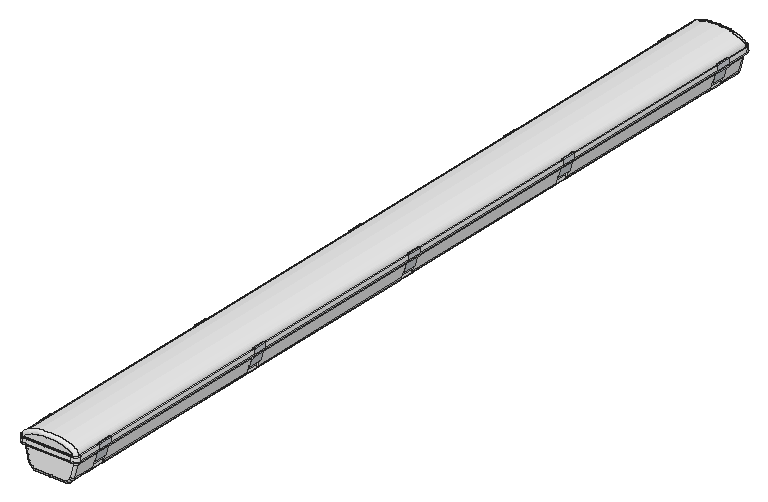
Revit family "0067986 Sylvania Lighting Fixture START Waterproof Twin 1500 IP65 7100lm 865 QC", category Lighting Fixtures, host Face, Revit 2016
Family settings
  Host = Face
  Part Type = Normal
  Round Connector Dimension = Use Diameter
  OmniClass Number = 23.80.70.11.14
  OmniClass Title = General Luminaries, Directional
  Cut with Voids When Loaded = No
  Light Source = Yes
  Shared = No
  Room Calculation Point = No
Parameters (values of type "0067986 ST WTRPRF T 1500 IP65 7100LM 865 QC")
  Width = 110 mm
  Weight = "2.44 kg"
  Wattage Comments = "n/a"
  Wattage = 58 W
  WarrantyStartDate [instance] = "n/a"
  WarrantyGuarantorParts = "n/a"
  WarrantyDurationUnit = "n/a"
  WarrantyDurationParts = "n/a"
  WarrantyDescription = "n/a"
  built-in parameter 1150110 = 1 (stored number, unit not read)
  Voltage = 0 V
  URL = "http://www.sylvania-lighting.com"
  TypeName = "START Waterproof Twin 1500 IP65 7100lm 865 QC"
  Type Image = <None>
  Type Comments = "n/a"
  built-in parameter 1114217 = 1 (stored number, unit not read)
  Tilt Angle = -90.00°
  built-in parameter 1150109 = 1 (stored number, unit not read)
  built-in parameter 1150134 = 1
  built-in parameter 1150113 = 1 (stored number, unit not read)
  SerialNumber [instance] = "n/a"
  ReflectorMaterial = none
  PowerFactor = 0
  PowerConsumption = "58 W"
  Photometric Web File = "0067986.ies"
  NominalWidth = 0 mm
  NominalLength = 1578 mm
  NominalHeight = 78 mm
  Name = "START Waterproof Twin 1500 IP65 7100lm 865 QC"
  ModelReference = "START Waterproof Twin 1500 IP65 7100lm 865 QC"
  ModelNumber = "0067986"
  Model = "START Waterproof Twin 1500 IP65 7100lm 865 QC"
  Material = "polycarbonate housing, polycarbonate diffuser"
  ManufacturerName = "Feilo Sylvania"
  Manufacturer = "Feilo Sylvania"
  LuminousEfficacy = "122 lm/W"
  built-in parameter 1150105 = 563.09 (stored number, unit not read)
  Lumens = 7076 lm
  LuminaireType = ""
  built-in parameter 1150115 = 1 (stored number, unit not read)
  LightOutputRatio = "n/a"
  built-in parameter 1150137 = (empty or 0)
  built-in parameter 1150139 = (empty or 0)
  Length = 1572 mm
  LampsType = Lamp  # "LED"
  LampNominalLuminous = "7050 lm"
  LampMacAdamStep = "n/a"
  LampColourTemperature = "6500 K"
  LampColourRenderingIndex = "80"
  built-in parameter 1150112 = 1 (stored number, unit not read)
  built-in parameter 1150114 = 1 (stored number, unit not read)
  Lamp = "LED"
  Keynote = "16500"
  InstallationDate [instance] = "n/a"
  InputVoltage = "n/a"
  InputNominalFrequency = "n/a"
  built-in parameter 1150132 = (empty or 0)
  built-in parameter 1150102 = (empty or 0)
  built-in parameter 1150107 = 6500 (stored number, unit not read)
  built-in parameter 1150138 = (empty or 0)
  IngressProtection = "IP65"
  ImpactProtectionIndex = "IK08"
  built-in parameter 1150106 = 5.6309 (stored number, unit not read)
  IfcExportType = "IfcLightFixtureType"
  IfcExportAs = "IfcLightFixtureType"
  ExpectedLife = 50000
  Emit from Rectangle Width = Width - 20 mm  # 90 mm
  Emit from Rectangle Length = Length - 20 mm  # 1552 mm
  Emit Shape Visible in Rendering = no
  ElectricShockClassification = "Class I"
  built-in parameter 1150104 = 11.334 (stored number, unit not read)
  DurationUnit = "hours"
  DocumentationLiterature = "http://www.sylvania-lighting.com/product/en-int/products/0067986"
  DimmingControlOptions = "n/a"
  Dimming Lamp Color Temperature Shift = <None>
  DiffuserMaterial = Diffuser-Sylvania-Transparent
  Description = ""
  Default Elevation = 1219.2 mm
  CreatedOn = "11/27/2018"
  CreatedBy = "@sylvania-lighting.com"
  Cost = 0
  Color Filter = 16777215
  built-in parameter 1114216 [instance] = (empty or 0)
  ClassificationValue = "EF_70_80"
  ClassificationName = "Uniclass2015"
  BodyMaterial = Body-Sylvania-Gray
  BarCode [instance] = "n/a"
  built-in parameter 1114218 = 1 (stored number, unit not read)
  built-in parameter 1150133 = 10 (stored number, unit not read)
  AssetType = "Fixed"
  AssetIdentifier [instance] = "n/a"
  Assembly Code = "D5020200"
  Apparent Load = 58 VA
  AccessoryMaterial = Diffuser-Sylvania-Glow
Reference planes
  plane 1 "Center (Front/Back)": y = 0
  plane 2: z = 0
  plane 3 "Center (Left/Right)": x = 0
  plane 4: z = 54
  plane 5: x = -27.7
  plane 6: x = -34.8
  plane 7: x = -39.6
  plane 8: x = -42.2
  plane 9: z = 3
  plane 10: z = 7.8
  plane 11: z = 12.3
  plane 12: z = 36.6
  plane 13: z = 42.8
  plane 14: x = -51.1
  plane 15: z = 46.2
  plane 16: x = -55
  plane 17: y = 786
  plane 18: y = -786
  plane 19: x = 27.7
  plane 20: x = 34.8
  plane 21: x = 39.6
  plane 22: x = 42.2
  plane 23: x = 51.1
  plane 24: x = 55
  plane 25: y = 778.4
  plane 26: y = -778.4
  plane 27: y = -774.7
  plane 28: y = 774.7
  plane 29: z = 74
  plane 30: x = -51.5
  plane 31: x = 51.5
  plane 32: z = 55.2
  plane 33: y = -782.5
  plane 34: y = 782.5
  plane 35: x = -37.5
  plane 36: x = 37.5
  plane 37: x = -48.7
  plane 38: x = 48.7
  plane 39: x = 18
  plane 40: x = -18
  plane 41: z = 50.2
  plane 42: z = 24.6
  plane 43: y = 720
  plane 44: y = 706
  plane 45: y = 734
  plane 46: y = -720
  plane 47: y = 720
  plane 48: y = 706
  plane 49: y = 734
  plane 50: y = -720
  plane 51: y = -734
  plane 52: y = -706
  plane 53: y = 360
  plane 54: y = 346
  plane 55: y = 374
  plane 56: y = 0
  plane 57: y = -14
  plane 58: y = 14
  plane 59: y = -360
  plane 60: y = -374
  plane 61: y = -346
Forms (mm)
  Sweep 1, solid, material "Body-Sylvania-Gray" <- "BodyMaterial", detail levels medium+fine
    path origin (1223.4, -4572, 54) x (0, -1, 0) y (1, 0, 0)
      loop
        arc (-3796, -1278.4) -> (-3788.929, -1275.471) -> (-3786, -1268.4) r 10
        line (-3786, -1268.4) -> (-3786, -1178.4)
        arc (-3786, -1178.4) -> (-3788.929, -1171.329) -> (-3796, -1168.4) r 10
        line (-3796, -1168.4) -> (-5348, -1168.4)
        arc (-5348, -1168.4) -> (-5355.071, -1171.329) -> (-5358, -1178.4) r 10
        line (-5358, -1178.4) -> (-5358, -1268.4)
        arc (-5358, -1268.4) -> (-5355.071, -1275.471) -> (-5348, -1278.4) r 10
        line (-5348, -1278.4) -> (-3796, -1278.4)
    profile origin (-55, 0, 54) x (-1, 0, 0) y (0, 0, 1)
      loop
        line (0, 0) -> (-1, 0) -> (-1, -7.726)
        arc (-1, -7.726) -> (-1.994, -9.498) -> (-3.9, -10.2) r 2.937
        line (-3.9, -10.2) -> (-8.571, -10.2) -> (-8.571, -11.2) -> (-3.9, -11.2)
        arc (-3.9, -11.2) -> (-1.313, -10.231) -> (0, -7.8) r 3.937
        line (0, -7.8) -> (0, 0)
  Sweep 2, solid, material "Body-Sylvania-Gray" <- "BodyMaterial", detail levels medium+fine
    path origin (0, 0, 0) x (1, 0, 0) y (0, 0, 1)
      loop
        line (48.7, 42.8) -> (48.7, 36.6) -> (42.203, 12.31)
        arc (42.203, 12.31) -> (41.199, 9.884) -> (39.6, 7.8) r 10.052
        line (39.6, 7.8) -> (34.8, 3)
        arc (34.8, 3) -> (31.554, 0.781) -> (27.7, 0) r 9.902
        line (27.7, 0) -> (0, 0) -> (-27.7, 0)
        arc (-27.7, 0) -> (-31.554, 0.781) -> (-34.8, 3) r 9.902
        line (-34.8, 3) -> (-39.6, 7.8)
        arc (-39.6, 7.8) -> (-41.199, 9.884) -> (-42.203, 12.31) r 10.052
        line (-42.203, 12.31) -> (-48.7, 36.6) -> (-48.7, 42.8)
    profile origin (0, 0, 0) x (0, 0, -1) y (0, -1, 0)
      loop
        arc (0, 773.4) -> (-1.464, 776.936) -> (-5, 778.4) r 5
        line (-5, 778.4) -> (-7.8, 778.4) -> (-7.8, -778.4) -> (-5, -778.4)
        arc (-5, -778.4) -> (-1.464, -776.936) -> (0, -773.4) r 5
        line (0, -773.4) -> (0, 773.4)
  Extrusion 3, solid, material "Body-Sylvania-Gray" <- "BodyMaterial", detail levels medium+fine
    sketch origin (1524, 778.4, 1219.2) x (1, 0, 0) y (0, 0, 1)
      loop
        arc (-1558.668, -1204.874) -> (-1558.443, -1205.418) -> (-1558.085, -1205.885) r 2.252
        line (-1558.085, -1205.885) -> (-1553.231, -1210.738)
        arc (-1553.231, -1210.738) -> (-1552.534, -1211.227) -> (-1551.7, -1211.4) r 2.102
        line (-1551.7, -1211.4) -> (-1496.3, -1211.4)
        arc (-1496.3, -1211.4) -> (-1495.466, -1211.227) -> (-1494.769, -1210.738) r 2.102
        line (-1494.769, -1210.738) -> (-1489.915, -1205.885)
        arc (-1489.915, -1205.885) -> (-1489.557, -1205.418) -> (-1489.332, -1204.874) r 2.252
        line (-1489.332, -1204.874) -> (-1483.1, -1181.575) -> (-1483.1, -1176.4) -> (-1564.9, -1176.4) -> (-1564.9, -1181.575) -> (-1558.668, -1204.874)
    from 0 to 1556.8
  Sweep 4, solid, material "Diffuser-Sylvania-Transparent" <- "DiffuserMaterial", detail levels medium+fine
    path origin (0, 0, 0) x (1, 0, 0) y (0, 0, 1)
      loop
        spline (-51.5, 55.2) -> (-49.745, 60.066) -> (-44.6, 64.6) -> (-36.416, 68.494) -> (-25.75, 71.481) -> (-13.329, 73.359) -> (0, 74) -> (13.329, 73.359) -> (25.75, 71.481) -> (36.416, 68.494) -> (44.6, 64.6) -> (49.745, 60.066) -> (51.5, 55.2)
    profile origin (51.5, 0, 55.2) x (0, -1, 0) y (1, 0, 0)
      loop
        arc (782.5, -5.5) -> (780.889, -1.611) -> (777, 0) r 5.5
        line (777, 0) -> (-777, 0)
        arc (-777, 0) -> (-780.889, -1.611) -> (-782.5, -5.5) r 5.5
        line (-782.5, -5.5) -> (-782.5, -6.3) -> (-781.5, -6.3) -> (-781.5, -5.5)
        arc (-781.5, -5.5) -> (-780.182, -2.318) -> (-777, -1) r 4.5
        line (-777, -1) -> (777, -1)
        arc (777, -1) -> (780.182, -2.318) -> (781.5, -5.5) r 4.5
        line (781.5, -5.5) -> (781.5, -6.347) -> (782.5, -6.347) -> (782.5, -5.5)
  Extrusion 5, solid, material "Diffuser-Sylvania-Transparent" <- "DiffuserMaterial", detail levels medium+fine
    sketch origin (1524, -782.5, 1219.2) x (1, 0, 0) y (0, 0, 1)
      loop
        line (-1569.653, -1164) -> (-1478.347, -1164)
        spline (-1478.347, -1164) -> (-1478.969, -1162.594) -> (-1482.527, -1159.545) -> (-1489.588, -1156.201) -> (-1499.458, -1153.445) -> (-1511.242, -1151.663) -> (-1524, -1151.049) -> (-1536.758, -1151.663) -> (-1548.542, -1153.445) -> (-1558.412, -1156.201) -> (-1565.473, -1159.545) -> (-1569.031, -1162.594) -> (-1569.653, -1164)
    from 0 to -1
  Extrusion 6, solid, material "Diffuser-Sylvania-Transparent" <- "DiffuserMaterial", detail levels medium+fine
    sketch origin (1524, 782.5, 1219.2) x (1, 0, 0) y (0, 0, 1)
      loop
        spline (-1478.3, -1164) -> (-1478.931, -1162.565) -> (-1482.502, -1159.505) -> (-1489.572, -1156.155) -> (-1499.446, -1153.394) -> (-1511.236, -1151.614) -> (-1524, -1151.007) -> (-1536.764, -1151.614) -> (-1548.554, -1153.394) -> (-1558.428, -1156.155) -> (-1565.498, -1159.505) -> (-1569.069, -1162.565) -> (-1569.7, -1164)
        line (-1569.7, -1164) -> (-1478.3, -1164)
    from 0 to 1
  Extrusion 7, solid, material "Diffuser-Sylvania-Transparent" <- "DiffuserMaterial", detail levels medium+fine
    sketch origin (1223.4, -4572, 55.2) x (0, -1, 0) y (-1, 0, 0)
      loop
        arc (-5353.5, 1177.4) -> (-5352.182, 1174.218) -> (-5349, 1172.9) r 4.5
        line (-5349, 1172.9) -> (-3795, 1172.9)
        arc (-3795, 1172.9) -> (-3791.818, 1174.218) -> (-3790.5, 1177.4) r 4.5
        line (-3790.5, 1177.4) -> (-3790.5, 1269.4)
        arc (-3790.5, 1269.4) -> (-3791.818, 1272.582) -> (-3795, 1273.9) r 4.5
        line (-3795, 1273.9) -> (-5349, 1273.9)
        arc (-5349, 1273.9) -> (-5352.182, 1272.582) -> (-5353.5, 1269.4) r 4.5
        line (-5353.5, 1269.4) -> (-5353.5, 1177.4)
      loop
        line (-5358, 1268.4) -> (-5358, 1178.4)
        arc (-5358, 1178.4) -> (-5355.071, 1171.329) -> (-5348, 1168.4) r 10
        line (-5348, 1168.4) -> (-3796, 1168.4)
        arc (-3796, 1168.4) -> (-3788.929, 1171.329) -> (-3786, 1178.4) r 10
        line (-3786, 1178.4) -> (-3786, 1268.4)
        arc (-3786, 1268.4) -> (-3788.929, 1275.471) -> (-3796, 1278.4) r 10
        line (-3796, 1278.4) -> (-5348, 1278.4)
        arc (-5348, 1278.4) -> (-5355.071, 1275.471) -> (-5358, 1268.4) r 10
    from 0 to 1.2
  Extrusion 8, solid, material "Diffuser-Sylvania-Glow" <- "AccessoryMaterial", detail levels fine
    sketch origin (0, 0, 0) x (1, 0, 0) y (0, 0, 1)
      loop
        circle (-18, 50.2) r 8
      loop
        circle (18, 50.2) r 8
    from -774.7 to 774.7
  Extrusion 9, void
    sketch origin (0, 720, 2343.807) x (0, 0, -1) y (-1, 0, 0)
      loop
        line (2340.807, -37.5) -> (2331.507, -37.5) -> (2319.207, -42.2) -> (2319.207, -48.7) -> (2340.807, -48.7) -> (2340.807, -37.5)
      loop
        line (2340.807, 37.5) -> (2340.807, 48.7) -> (2319.207, 48.7) -> (2319.207, 42.2) -> (2331.507, 37.5) -> (2340.807, 37.5)
    from -14 to 14
  Extrusion 10, solid, material "Body-Sylvania-Gray" <- "BodyMaterial", detail levels coarse
    sketch origin (0, 0, 0) x (1, 0, 0) y (0, 0, 1)
      loop
        line (55, 42.8) -> (55, 55.2) -> (-55, 55.2) -> (-55, 42.791) -> (-42.2, 0) -> (42.2, 0) -> (55, 42.8)
    from -786 to 786
  Extrusion 11, solid, material "Diffuser-Sylvania-Transparent" <- "DiffuserMaterial", detail levels coarse
    sketch origin (0, 0, 0) x (1, 0, 0) y (0, 0, 1)
      loop
        arc (51.5, 55.2) -> (0, 74) -> (-51.5, 55.2) r 79.939
        line (-51.5, 55.2) -> (51.5, 55.2)
    from 778.4 to -778.4
  Extrusion 12, void, not visible
    sketch origin (0, 720, 2343.807) x (0, 0, -1) y (-1, 0, 0)
      loop
        line (2340.807, -37.5) -> (2331.507, -37.5) -> (2319.207, -42.2) -> (2319.207, -48.7) -> (2340.807, -48.7) -> (2340.807, -37.5)
      loop
        line (2340.807, 37.5) -> (2340.807, 48.7) -> (2319.207, 48.7) -> (2319.207, 42.2) -> (2331.507, 37.5) -> (2340.807, 37.5)
    from -14 to 14
  Extrusion 13, void
    sketch origin (0, -720, 2343.807) x (0, 0, -1) y (-1, 0, 0)
      loop
        line (2340.807, -37.5) -> (2331.507, -37.5) -> (2319.207, -42.2) -> (2319.207, -48.7) -> (2340.807, -48.7) -> (2340.807, -37.5)
      loop
        line (2340.807, 37.5) -> (2340.807, 48.7) -> (2319.207, 48.7) -> (2319.207, 42.2) -> (2331.507, 37.5) -> (2340.807, 37.5)
    from -14 to 14
  Extrusion 14, void
    sketch origin (0, 360, 2343.807) x (0, 0, -1) y (-1, 0, 0)
      loop
        line (2340.807, -37.5) -> (2331.507, -37.5) -> (2319.207, -42.2) -> (2319.207, -48.7) -> (2340.807, -48.7) -> (2340.807, -37.5)
      loop
        line (2340.807, 37.5) -> (2340.807, 48.7) -> (2319.207, 48.7) -> (2319.207, 42.2) -> (2331.507, 37.5) -> (2340.807, 37.5)
    from -14 to 14
  Extrusion 15, void
    sketch origin (0, 0, 2343.807) x (0, 0, -1) y (-1, 0, 0)
      loop
        line (2340.807, -37.5) -> (2331.507, -37.5) -> (2319.207, -42.2) -> (2319.207, -48.7) -> (2340.807, -48.7) -> (2340.807, -37.5)
      loop
        line (2340.807, 37.5) -> (2340.807, 48.7) -> (2319.207, 48.7) -> (2319.207, 42.2) -> (2331.507, 37.5) -> (2340.807, 37.5)
    from -14 to 14
  Extrusion 16, void
    sketch origin (0, -360, 2343.807) x (0, 0, -1) y (-1, 0, 0)
      loop
        line (2340.807, -37.5) -> (2331.507, -37.5) -> (2319.207, -42.2) -> (2319.207, -48.7) -> (2340.807, -48.7) -> (2340.807, -37.5)
      loop
        line (2340.807, 37.5) -> (2340.807, 48.7) -> (2319.207, 48.7) -> (2319.207, 42.2) -> (2331.507, 37.5) -> (2340.807, 37.5)
    from -14 to 14
Cuts and joins
  Extrusion 9, Extrusion 13, Extrusion 14, Extrusion 15, Extrusion 16 cuts Sweep 2
  Extrusion 13, Extrusion 14, Extrusion 15, Extrusion 16 cuts Extrusion 3
  joined: Sweep 2, Extrusion 3
  joined: Sweep 4, Extrusion 5, Extrusion 6
Dimensions and locks
  locked: plane 4 to plane 2 at 54
  plane 5 to plane 6 to plane 7 to plane 8 to plane 14 to plane 16 = 7.1 mm locked, 4.8 mm locked, 2.6 mm locked, 8.9 mm, 3.9 mm
  plane 4 to plane 15 to plane 13 to plane 12 to plane 11 to plane 10 to plane 9 = 7.8 mm locked, 3.4 mm, 6.2 mm locked, 24.3 mm locked, 4.5 mm locked, 4.8 mm locked
  equal spacing: plane 18, plane 1 "Center (Front/Back)", plane 17
  "Length": plane 18 to plane 17
  plane 19 to plane 20 to plane 21 to plane 22 to plane 23 to plane 24 = 7.1 mm locked, 4.8 mm locked, 2.6 mm locked, 8.9 mm, 3.9 mm
  equal spacing: plane 24, plane 3 "Center (Left/Right)", plane 16
  "Width": plane 24 to plane 16
  equal spacing: plane 27, plane 1 "Center (Front/Back)", plane 28
  locked: plane 26 to plane 27 at 3.7
  locked: Sweep 1 sketch curve to profile plane at 1
  locked: Sweep 1 sketch curve to plane 13 at 1
  locked: Sweep 1 sketch curve to plane 13 at 3.937  (x2)
  locked: Sweep 1 sketch curve to profile plane at 3.9  (x2)
  locked: plane 29 to plane 4 at 20
  equal spacing: plane 31, plane 3 "Center (Left/Right)", plane 30
  locked: plane 30 to plane 16 at 3.5
  locked: plane 32 to plane 4 at 1.2
  equal spacing: plane 33, plane 1 "Center (Front/Back)", plane 34
  equal spacing: plane 36, plane 3 "Center (Left/Right)", plane 35
  locked: plane 3 "Center (Left/Right)" to plane 35 at 37.5
  locked: plane 34 to plane 17 at 3.5
  equal spacing: plane 38, plane 3 "Center (Left/Right)", plane 37
  locked: plane 37 to plane 16 at 6.3
  equal spacing: plane 25, plane 1 "Center (Front/Back)", plane 26
  locked: plane 17 to plane 25 at 7.6
  locked: Sweep 2 sketch curve to plane 2 at 5  (x2)
  locked: Sweep 2 sketch curve to plane 26 at 5
  locked: plane 25 to Sweep 2 sketch curve at 5
  locked: Sweep 4 sketch curve to plane 31 at 5.5  (x2)
  locked: Sweep 4 sketch curve to plane 34 at 5.5
  plane 33 to Sweep 4 sketch curve = 5.5 mm
  locked: plane 34 to Sweep 4 sketch curve at 1
  locked: Sweep 4 sketch curve to plane 31 at 1
  locked: Sweep 4 sketch curve to Sweep 4 sketch curve at 1
  locked: Sweep 4 sketch curve to plane 31 at 6.347
  locked: Sweep 4 sketch curve to plane 31 at 6.3
  equal spacing: plane 39, plane 3 "Center (Left/Right)", plane 40
  locked: plane 3 "Center (Left/Right)" to plane 40 at 18
  locked: plane 42 to plane 2 at 24.6
  plane 45 to plane 43 to plane 44 = 14 mm locked, 14 mm locked
  locked: plane 17 to plane 43 at 66
  equal spacing: plane 43, plane 1 "Center (Front/Back)", plane 46
  plane 49 to plane 47 to plane 48 = 14 mm locked, 14 mm locked
  plane 52 to plane 50 to plane 51 = 14 mm locked, 14 mm locked  (x2)
  equal spacing: group 1, group 6, group 7, group 8, group 5  (x2)
  equal spacing: group 5, group 8, group 7, group 6, group 1
  plane 55 to plane 53 to plane 54 = 14 mm locked, 14 mm locked  (x2)
  plane 58 to plane 56 to plane 57 = 14 mm locked, 14 mm locked  (x2)
  plane 61 to plane 59 to plane 60 = 14 mm locked, 14 mm locked  (x2)
  plane 43 to plane 53 to plane 1 "Center (Front/Back)" to plane 59 to plane 50 = 360 mm locked, 360 mm locked, 360 mm locked, 360 mm locked
  aligned and locked: plane 2 to host face
  aligned and locked: level to host face
  aligned and locked: plane 16 to Sweep 1 sketch curve
  aligned and locked: Sweep 1 sketch curve to plane 24
  aligned and locked: plane 18 to Sweep 1 sketch curve
  aligned and locked: Sweep 1 sketch curve to plane 13
  aligned and locked: profile plane to Sweep 1 sketch curve
  aligned and locked: plane 3 "Center (Left/Right)" to Sweep 2 sketch curve
  aligned and locked: plane 9 to Sweep 2 sketch curve
  aligned and locked: plane 10 to Sweep 2 sketch curve
  aligned and locked: plane 37 to Sweep 2 sketch curve
  aligned and locked: plane 12 to Sweep 2 sketch curve
  aligned and locked: Sweep 2 sketch curve to level
  aligned and locked: plane 21 to Sweep 2 sketch curve
  aligned and locked: plane 38 to Sweep 2 sketch curve
  aligned and locked: profile plane to Sweep 2 sketch curve
  aligned and locked: plane 25 to Sweep 2 sketch curve
  aligned and locked: Sweep 2 sketch curve to plane 10
  aligned and locked: Extrusion 3 sketch curve to Sweep 2  (x7)
  aligned and locked: Sweep 2 to Extrusion 3 sketch curve
  aligned and locked: Extrusion 3 to plane 25
  aligned and locked: plane 26 to Extrusion 3
  aligned and locked: plane 32 to Sweep 4 sketch curve
  aligned and locked: plane 33 to Sweep 4 sketch curve
  aligned and locked: Sweep 4 to Extrusion 5
  aligned and locked: plane 33 to Extrusion 5
  aligned and locked: Extrusion 5 sketch curve to Sweep 4
  aligned and locked: cut or joined group of Sweep 4, Extrusion 5, Extrusion 6 to Extrusion 6 sketch curve
  aligned and locked: Extrusion 7 sketch curve to cut or joined group of Sweep 4, Extrusion 5, Extrusion 6  (x2)
  aligned and locked: cut or joined group of Sweep 4, Extrusion 5, Extrusion 6 to Extrusion 7 sketch curve  (x2)
  aligned and locked: plane 41 to Extrusion 8 sketch curve  (x2)
  aligned and locked: plane 39 to Extrusion 8 sketch curve
  aligned and locked: plane 27 to Extrusion 8
  aligned and locked: Extrusion 8 to plane 28
  aligned and locked: Extrusion 9 to plane 42
  aligned and locked: plane 9 to Extrusion 9
  aligned and locked: plane 44 to Extrusion 9
  aligned and locked: Extrusion 9 to plane 45
  aligned and locked: Extrusion 7 sketch curve to Sweep 1  (x4)
  aligned and locked: plane 4 to Extrusion 7
  aligned and locked: Extrusion 7 to plane 32
  aligned and locked: nested 2 to plane 43
  aligned and locked: plane 43 to nested 1
  aligned and locked: Extrusion 10 sketch curve to plane 24
  aligned and locked: Extrusion 10 sketch curve to Extrusion 7
  aligned and locked: plane 8 to Extrusion 10 sketch curve
  aligned and locked: plane 22 to Extrusion 10 sketch curve
  aligned and locked: level to Extrusion 10 sketch curve
  aligned and locked: Extrusion 10 to plane 17
  aligned and locked: plane 18 to Extrusion 10
  aligned and locked: cut or joined group of Sweep 4, Extrusion 5, Extrusion 6 to Extrusion 11 sketch curve
  aligned and locked: Extrusion 11 sketch curve to cut or joined group of Sweep 4, Extrusion 5, Extrusion 6  (x2)
  aligned and locked: plane 31 to Extrusion 11 sketch curve
  aligned and locked: plane 30 to Extrusion 11 sketch curve
  aligned and locked: plane 26 to Extrusion 11
  aligned and locked: Extrusion 11 to plane 25
  aligned and locked: imposter light to plane 29
  aligned and locked: plane 3 "Center (Left/Right)" to imposter light
  aligned and locked: plane 1 "Center (Front/Back)" to imposter light
  aligned and locked: plane 51 to Extrusion 13
  aligned and locked: Extrusion 13 to plane 52
  aligned and locked: plane 54 to Extrusion 14
  aligned and locked: Extrusion 14 to plane 55
  aligned and locked: plane 57 to Extrusion 15
  aligned and locked: Extrusion 15 to plane 58
  aligned and locked: plane 60 to Extrusion 16
  aligned and locked: Extrusion 16 to plane 61
  aligned and locked: nested 3 to plane 53
  aligned and locked: plane 53 to nested 10
  aligned and locked: nested 4 to plane 56
  aligned and locked: plane 56 to nested 9
  aligned and locked: nested 5 to plane 59
  aligned and locked: plane 59 to nested 8
  aligned and locked: nested 6 to plane 50
  aligned and locked: plane 50 to nested 7
Automatic sketch dimensions
  host sketch curve to host sketch curve = 2438.4 mm  (x2)
  plane 17 to Sweep 1 sketch curve = 0 mm
  Sweep 1 sketch curve to plane 28 = 1.3 mm
  Sweep 1 sketch curve to plane 7 = 5.4 mm
  plane 27 to Sweep 1 sketch curve = 1.3 mm  (x2)
  Sweep 1 sketch curve to Sweep 1 sketch curve = 4.671 mm
  Sweep 1 sketch curve to plane 4 = 0 mm
  Sweep 2 sketch curve to plane 7 = 0 mm
  Sweep 2 sketch curve to plane 6 = 0 mm
  Sweep 2 sketch curve to plane 5 = 0 mm
  plane 19 to Sweep 2 sketch curve = 0 mm
  Sweep 2 sketch curve to plane 9 = 0 mm
  plane 20 to Sweep 2 sketch curve = 0 mm
  Sweep 2 sketch curve to plane 12 = 0 mm
  Sweep 2 sketch curve to plane 10 = 0 mm
  Sweep 2 sketch curve to plane 13 = 0 mm  (x2)
  Sweep 2 sketch curve to plane 8 = 0.003 mm
  plane 6 to Sweep 2 sketch curve = 2.308 mm
  plane 20 to Sweep 2 sketch curve = 2.308 mm
  Sweep 2 sketch curve to plane 22 = 0.003 mm
  Sweep 2 sketch curve to plane 11 = 0.01 mm  (x2)
  Extrusion 3 sketch curve to plane 5 = 0 mm
  plane 19 to Extrusion 3 sketch curve = 0 mm
  plane 6 to Extrusion 3 sketch curve = 0.132 mm
  plane 6 to Extrusion 3 sketch curve = 0.715 mm
  Extrusion 3 sketch curve to Extrusion 3 sketch curve = 1.592 mm
  Extrusion 3 sketch curve to plane 10 = 0.662 mm  (x2)
  plane 20 to Extrusion 3 sketch curve = 2.308 mm
  plane 20 to Extrusion 3 sketch curve = 0.715 mm
  plane 20 to Extrusion 3 sketch curve = 0.132 mm
  Sweep 4 sketch curve to plane 30 = 0 mm
  Sweep 4 sketch curve to plane 3 "Center (Left/Right)" = 0 mm
  Sweep 4 sketch curve to Sweep 4 sketch curve = 0 mm  (x2)
  plane 37 to Extrusion 5 sketch curve = 3.047 mm
  Extrusion 5 sketch curve to plane 38 = 3.047 mm
  plane 37 to Extrusion 6 sketch curve = 3 mm
  Extrusion 6 sketch curve to plane 38 = 3 mm
  plane 25 to Extrusion 7 sketch curve = 1.4 mm  (x2)
  Extrusion 7 sketch curve to plane 26 = 1.4 mm  (x2)
  Extrusion 8 sketch curve to plane 40 = 0 mm
  Extrusion 9 sketch curve to Extrusion 9 sketch curve = 0 mm
  Extrusion 9 sketch curve to Extrusion 9 sketch curve = 12.3 mm  (x2)
  Extrusion 9 sketch curve to Extrusion 9 sketch curve = 9.3 mm  (x2)
  Extrusion 9 sketch curve to Extrusion 9 sketch curve = 6.5 mm
  Extrusion 9 sketch curve to Extrusion 9 sketch curve = 4.7 mm  (x2)
  Extrusion 9 sketch curve to Extrusion 9 sketch curve = 75 mm
  Extrusion 9 sketch curve to Extrusion 9 sketch curve = 11.2 mm
  Extrusion 10 sketch curve to plane 13 = 0 mm
  plane 13 to Extrusion 10 sketch curve = 0.009 mm
  Extrusion 11 sketch curve to level = 5.939 mm
  Extrusion 10 sketch curve to plane 16 = 0 mm
  Extrusion 12 sketch curve to Extrusion 12 sketch curve = 0 mm
  Extrusion 12 sketch curve to Extrusion 12 sketch curve = 12.3 mm  (x2)
  Extrusion 12 sketch curve to Extrusion 12 sketch curve = 9.3 mm  (x2)
  Extrusion 12 sketch curve to Extrusion 12 sketch curve = 6.5 mm
  Extrusion 12 sketch curve to Extrusion 12 sketch curve = 4.7 mm  (x2)
  Extrusion 12 sketch curve to Extrusion 12 sketch curve = 75 mm
  Extrusion 12 sketch curve to Extrusion 12 sketch curve = 11.2 mm
  Extrusion 13 sketch curve to Extrusion 13 sketch curve = 0 mm
  Extrusion 13 sketch curve to Extrusion 13 sketch curve = 12.3 mm  (x2)
  Extrusion 13 sketch curve to Extrusion 13 sketch curve = 9.3 mm  (x2)
  Extrusion 13 sketch curve to Extrusion 13 sketch curve = 6.5 mm
  Extrusion 13 sketch curve to Extrusion 13 sketch curve = 4.7 mm  (x2)
  Extrusion 13 sketch curve to Extrusion 13 sketch curve = 75 mm
  Extrusion 13 sketch curve to Extrusion 13 sketch curve = 11.2 mm
  Extrusion 14 sketch curve to Extrusion 14 sketch curve = 0 mm
  Extrusion 14 sketch curve to Extrusion 14 sketch curve = 12.3 mm  (x2)
  Extrusion 14 sketch curve to Extrusion 14 sketch curve = 9.3 mm  (x2)
  Extrusion 14 sketch curve to Extrusion 14 sketch curve = 6.5 mm
  Extrusion 14 sketch curve to Extrusion 14 sketch curve = 4.7 mm  (x2)
  Extrusion 14 sketch curve to Extrusion 14 sketch curve = 75 mm
  Extrusion 14 sketch curve to Extrusion 14 sketch curve = 11.2 mm
  Extrusion 15 sketch curve to Extrusion 15 sketch curve = 0 mm
  Extrusion 15 sketch curve to Extrusion 15 sketch curve = 12.3 mm  (x2)
  Extrusion 15 sketch curve to Extrusion 15 sketch curve = 9.3 mm  (x2)
  Extrusion 15 sketch curve to Extrusion 15 sketch curve = 6.5 mm
  Extrusion 15 sketch curve to Extrusion 15 sketch curve = 4.7 mm  (x2)
  Extrusion 15 sketch curve to Extrusion 15 sketch curve = 75 mm
  Extrusion 15 sketch curve to Extrusion 15 sketch curve = 11.2 mm
  Extrusion 16 sketch curve to Extrusion 16 sketch curve = 0 mm
  Extrusion 16 sketch curve to Extrusion 16 sketch curve = 12.3 mm  (x2)
  Extrusion 16 sketch curve to Extrusion 16 sketch curve = 9.3 mm  (x2)
  Extrusion 16 sketch curve to Extrusion 16 sketch curve = 6.5 mm
  Extrusion 16 sketch curve to Extrusion 16 sketch curve = 4.7 mm  (x2)
  Extrusion 16 sketch curve to Extrusion 16 sketch curve = 75 mm
  Extrusion 16 sketch curve to Extrusion 16 sketch curve = 11.2 mm
  radius of Extrusion 8 sketch curve = 8 mm  (x2)
Nested families
  nested 1: "Clip" at (42.2, 720, 24.6), type "Clip", detail levels fine
  nested 2: "Clip" at (-42.2, 720, 24.6) x (-1, 0, 0) z (0, 0, 1), type "Clip", detail levels fine
  nested 3: "Clip" at (-42.2, 360, 24.6) x (-1, 0, 0) z (0, 0, 1), type "Clip", detail levels fine
  nested 4: "Clip" at (-42.2, 0, 24.6) x (-1, 0, 0) z (0, 0, 1), type "Clip", detail levels fine
  nested 5: "Clip" at (-42.2, -360, 24.6) x (-1, 0, 0) z (0, 0, 1), type "Clip", detail levels fine
  nested 6: "Clip" at (-42.2, -720, 24.6) x (-1, 0, 0) z (0, 0, 1), type "Clip", detail levels fine
  nested 7: "Clip" at (42.2, -720, 24.6), type "Clip", detail levels fine
  nested 8: "Clip" at (42.2, -360, 24.6), type "Clip", detail levels fine
  nested 9: "Clip" at (42.2, 0, 24.6), type "Clip", detail levels fine
  nested 10: "Clip" at (42.2, 360, 24.6), type "Clip", detail levels fine
Connectors
  electrical at (0, 0, 0), driven by "Apparent Load"
    settings: index 1, voltage 230 V, apparent load 58 VA, apparent load phase1 0 VA, apparent load phase2 0 VA, apparent load phase3 0 VA, power factor 0, load classification "Lighting", number of poles 1, system type 30, power factor state 1, is connector primary yes, connector utility no, sub classification motor no, connector description ""
Definition of nested family "Clip"
  Parameters (values of type "Clip")
    URL = "http://www.feilosylvania.com"
    Type Comments = "n/a"
    Model = "n/a"
    Manufacturer = "Feilo Sylvania"
    Keynote = "n/a"
    Description = "n/a"
    Default Elevation = 1219.2 mm
    Cost = 0
    BodyMaterial = none
    Assembly Code = "n/a"
  Reference planes
    plane 1 "Center (Front/Back)": y = 0
    plane 2: z = 0
    plane 3 "Center (Left/Right)": x = 0
    plane 4: x = 3.3
    plane 5: x = 6.5
    plane 6: x = 8.9
    plane 7: x = 12.8
    plane 8: z = 12
    plane 9: z = 18.2
    plane 10: z = 21.6
    plane 11: z = 30.6
    plane 12: x = 9.3
    plane 13: z = 19.2
    plane 14: z = 16.2
    plane 15: x = 10.1
    plane 16: y = 12
    plane 17: y = -12
  Forms (mm)
    Extrusion 1, solid
      sketch origin (-0.8, 0, 0) x (1, 0, 0) y (0, 1, 0)
        loop
          line (-1219.2, 1219.2) -> (-1219.2, -1219.2) -> (1219.2, -1219.2) -> (1219.2, 1219.2) -> (-1219.2, 1219.2)
      from 0 to -304.8
    Extrusion 2, solid
      sketch origin (0, 0, 0) x (1, 0, 0) y (0, 0, 1)
        loop
          line (8.9, 16.2) -> (4.58, 0) -> (0, 0) -> (0, -0.8) -> (5.195, -0.8) -> (9.603, 15.731) -> (13.6, 18.806) -> (13.6, 30.6)
          arc (13.6, 30.6) -> (11.45, 32.75) -> (9.3, 30.6) r 2.15
          line (9.3, 30.6) -> (10.1, 30.6)
          arc (10.1, 30.6) -> (11.45, 31.95) -> (12.8, 30.6) r 1.35
          line (12.8, 30.6) -> (12.8, 19.2) -> (8.9, 16.2)
      from -12 to 12
  Lines and regions (mm)
    reference lines
      curve 1: line (3.3, 0, 0) -> (6.5, 0, 12)
      curve 2: arc (8.9, 0, 18.2) -> (11.488, 0, 19.169) -> (12.8, 0, 21.6) r 3.934
  Dimensions and locks
    plane 7 to plane 6 to plane 5 to plane 4 to plane 3 "Center (Left/Right)" = 3.9 mm locked, 2.4 mm locked, 3.2 mm locked, 3.3 mm locked
    plane 11 to plane 10 to plane 9 to plane 8 to plane 2 = 9 mm locked, 3.4 mm locked, 6.2 mm locked, 12 mm locked
    locked: plane 7 to plane 12 at 3.5
    locked: plane 13 to plane 9 at 1
    locked: plane 9 to plane 14 at 2
    locked: plane 15 to plane 12 at 0.8
    locked: plane 2 to Extrusion 2 sketch curve at 0.8
    locked: Extrusion 2 sketch curve to Extrusion 2 sketch curve at 0.8  (x3)
    locked: plane 7 to Extrusion 2 sketch curve at 1.35
    equal spacing: plane 17, plane 1 "Center (Front/Back)", plane 16
    locked: plane 1 "Center (Front/Back)" to plane 16 at 12
    aligned and locked: plane 2 to Extrusion 1
    aligned and locked: level to Extrusion 1
    aligned and locked: plane 4 to curve 1
    aligned and locked: plane 5 to curve 1
    aligned and locked: plane 6 to curve 2
    aligned and locked: plane 10 to curve 2
    aligned and locked: plane 14 to Extrusion 2 sketch curve
    aligned and locked: plane 13 to Extrusion 2 sketch curve
    aligned and locked: plane 7 to Extrusion 2 sketch curve
    aligned and locked: plane 3 "Center (Left/Right)" to Extrusion 2 sketch curve
    aligned and locked: Extrusion 2 sketch curve to level
    aligned and locked: Extrusion 2 sketch curve to plane 11
    aligned and locked: plane 11 to Extrusion 2 sketch curve
    aligned and locked: Extrusion 2 to plane 16
    aligned and locked: plane 17 to Extrusion 2
  Automatic sketch dimensions
    Extrusion 1 sketch curve to Extrusion 1 sketch curve = 2438.4 mm  (x2)
    curve 2 to plane 7 = 0 mm
    curve 1 to level = 0 mm
    curve 1 to plane 8 = 0 mm
    curve 2 to plane 9 = 0 mm
    plane 6 to curve 2 = 0.002 mm
    Extrusion 2 sketch curve to Extrusion 2 sketch curve = 0 mm
    Extrusion 2 sketch curve to plane 6 = 0 mm
    plane 4 to Extrusion 2 sketch curve = 1.28 mm
